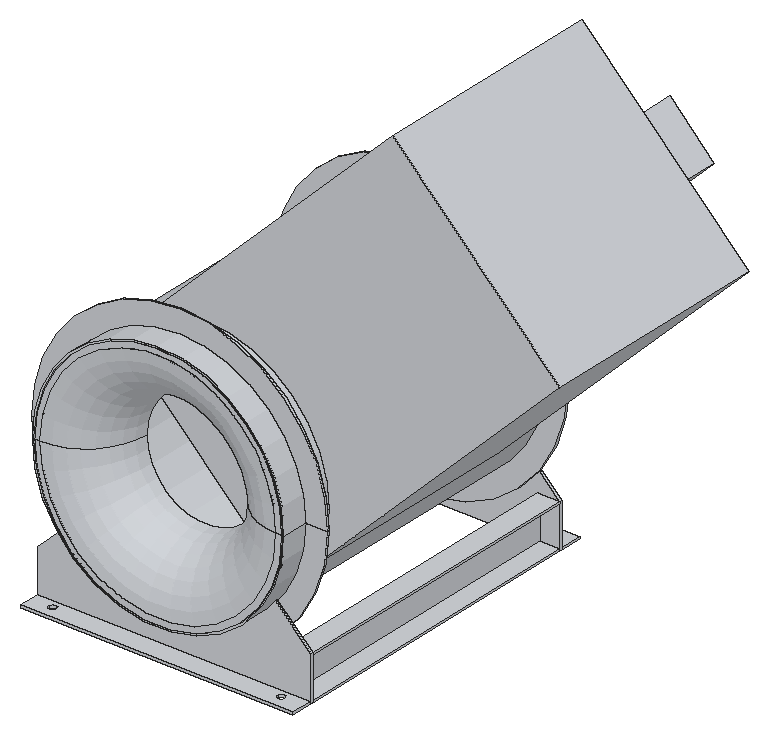
Revit family "QMX-HP_Horizontal", category Mechanical Equipment, Revit 2019 (continued)
Types (145): name | POSITION | MOT_H | MOT_G | MOT_F | MOT_E | MOT_D | MOT_C | MOT_B | MOT_A | MOTOR_H | MOTOR_G | MOTOR_F | MOTOR_E | MOTOR_D | MOTOR_C | MOTOR_B | MOTOR_A | MCHALF | MOTORCOVER | H/2 | H | G/2 | -B/3*2 | -(G/2)-.75 | (G/2)-.75 | G+1.5 | G | F/2 | F-1.5 | F+1.5 | F | E-D-1.5 | E-D | E | D | C/2 | C | B/8 | B/6 | B/3*2 | B/2 | B/10 | B | A/8 | A/4 | A/2 | A | -(B/2) | (F+3)/2 | (A/2)-.125
  330-QMX-HP_HOR_MOTOR_F | 5' - 0" | no | no | yes | no | no | no | no | no | 0' - 1" | 0' - 1" | 3' - 11 13/16" | 0' - 1" | 0' - 1" | 0' - 1" | 0' - 1" | 0' - 1" | 1' - 3 149/256" | 2' - 7 21/128" | 0' - 0 11/32" | 0' - 0 11/16" | 2' - 4 9/16" | -3' - 3" | -2' - 3 13/16" | 2' - 3 13/16" | 4' - 10 5/8" | 4' - 9 1/8" | 1' - 6 3/8" | 2' - 11 1/4" | 3' - 2 1/4" | 3' - 0 3/4" | 3' - 10 5/16" | 3' - 11 13/16" | 6' - 2 13/16" | 2' - 3" | 2' - 0 7/8" | 4' - 1 3/4" | 0' - 9 3/4" | 0' - 9 3/4" | 3' - 3" | 2' - 5 1/4" | 0' - 5.85" | 4' - 10 1/2" | 0' - 5 27/32" | 0' - 11 11/16" | 1' - 11 3/8" | 3' - 10 3/4" | -2' - 5 1/4" | 1' - 7 7/8" | 1' - 11 1/4"
  330-QMX-HP_HOR_MOTOR_G | 6' - 0" | no | yes | no | no | no | no | no | no | 0' - 1" | 3' - 11 13/16" | 0' - 1" | 0' - 1" | 0' - 1" | 0' - 1" | 0' - 1" | 0' - 1" | 1' - 3 149/256" | 2' - 7 21/128" | 0' - 0 11/32" | 0' - 0 11/16" | 2' - 4 9/16" | -3' - 3" | -2' - 3 13/16" | 2' - 3 13/16" | 4' - 10 5/8" | 4' - 9 1/8" | 1' - 6 3/8" | 2' - 11 1/4" | 3' - 2 1/4" | 3' - 0 3/4" | 3' - 10 5/16" | 3' - 11 13/16" | 6' - 2 13/16" | 2' - 3" | 2' - 0 7/8" | 4' - 1 3/4" | 0' - 9 3/4" | 0' - 9 3/4" | 3' - 3" | 2' - 5 1/4" | 0' - 5.85" | 4' - 10 1/2" | 0' - 5 27/32" | 0' - 11 11/16" | 1' - 11 3/8" | 3' - 10 3/4" | -2' - 5 1/4" | 1' - 7 7/8" | 1' - 11 1/4"
  330-QMX-HP_HOR_MOTOR_H | 7' - 0" | yes | no | no | no | no | no | no | no | 3' - 11 13/16" | 0' - 1" | 0' - 1" | 0' - 1" | 0' - 1" | 0' - 1" | 0' - 1" | 0' - 1" | 1' - 3 149/256" | 2' - 7 21/128" | 0' - 0 11/32" | 0' - 0 11/16" | 2' - 4 9/16" | -3' - 3" | -2' - 3 13/16" | 2' - 3 13/16" | 4' - 10 5/8" | 4' - 9 1/8" | 1' - 6 3/8" | 2' - 11 1/4" | 3' - 2 1/4" | 3' - 0 3/4" | 3' - 10 5/16" | 3' - 11 13/16" | 6' - 2 13/16" | 2' - 3" | 2' - 0 7/8" | 4' - 1 3/4" | 0' - 9 3/4" | 0' - 9 3/4" | 3' - 3" | 2' - 5 1/4" | 0' - 5.85" | 4' - 10 1/2" | 0' - 5 27/32" | 0' - 11 11/16" | 1' - 11 3/8" | 3' - 10 3/4" | -2' - 5 1/4" | 1' - 7 7/8" | 1' - 11 1/4"
  365-QMX-HP_HOR_MOTOR_B | 1' - 0" | no | no | no | no | no | no | yes | no | 0' - 1" | 0' - 1" | 0' - 1" | 0' - 1" | 0' - 1" | 0' - 1" | 4' - 2 7/16" | 0' - 1" | 1' - 5 1/4" | 2' - 10 1/2" | 0' - 0 13/32" | 0' - 0 13/16" | 2' - 7 11/16" | -3' - 6.66667" | -2' - 6 15/16" | 2' - 6 15/16" | 5' - 4 7/8" | 5' - 3 3/8" | 1' - 8 1/4" | 3' - 3" | 3' - 6" | 3' - 4 1/2" | 4' - 0 15/16" | 4' - 2 7/16" | 6' - 8 1/4" | 2' - 5 13/16" | 2' - 3 3/8" | 4' - 6 3/4" | 0' - 10.66667" | 0' - 10.66667" | 3' - 6.66667" | 2' - 8" | 0' - 6.4" | 5' - 4" | 0' - 6 15/32" | 1' - 0 15/16" | 2' - 1 7/8" | 4' - 3 3/4" | -2' - 8" | 1' - 9 3/4" | 2' - 1 3/4"
  365-QMX-HP_HOR_MOTOR_C | 2' - 0" | no | no | no | no | no | yes | no | no | 0' - 1" | 0' - 1" | 0' - 1" | 0' - 1" | 0' - 1" | 4' - 2 7/16" | 0' - 1" | 0' - 1" | 1' - 5 1/4" | 2' - 10 1/2" | 0' - 0 13/32" | 0' - 0 13/16" | 2' - 7 11/16" | -3' - 6.66667" | -2' - 6 15/16" | 2' - 6 15/16" | 5' - 4 7/8" | 5' - 3 3/8" | 1' - 8 1/4" | 3' - 3" | 3' - 6" | 3' - 4 1/2" | 4' - 0 15/16" | 4' - 2 7/16" | 6' - 8 1/4" | 2' - 5 13/16" | 2' - 3 3/8" | 4' - 6 3/4" | 0' - 10.66667" | 0' - 10.66667" | 3' - 6.66667" | 2' - 8" | 0' - 6.4" | 5' - 4" | 0' - 6 15/32" | 1' - 0 15/16" | 2' - 1 7/8" | 4' - 3 3/4" | -2' - 8" | 1' - 9 3/4" | 2' - 1 3/4"
  365-QMX-HP_HOR_MOTOR_D | 3' - 0" | no | no | no | no | yes | no | no | no | 0' - 1" | 0' - 1" | 0' - 1" | 0' - 1" | 4' - 2 7/16" | 0' - 1" | 0' - 1" | 0' - 1" | 1' - 5 1/4" | 2' - 10 1/2" | 0' - 0 13/32" | 0' - 0 13/16" | 2' - 7 11/16" | -3' - 6.66667" | -2' - 6 15/16" | 2' - 6 15/16" | 5' - 4 7/8" | 5' - 3 3/8" | 1' - 8 1/4" | 3' - 3" | 3' - 6" | 3' - 4 1/2" | 4' - 0 15/16" | 4' - 2 7/16" | 6' - 8 1/4" | 2' - 5 13/16" | 2' - 3 3/8" | 4' - 6 3/4" | 0' - 10.66667" | 0' - 10.66667" | 3' - 6.66667" | 2' - 8" | 0' - 6.4" | 5' - 4" | 0' - 6 15/32" | 1' - 0 15/16" | 2' - 1 7/8" | 4' - 3 3/4" | -2' - 8" | 1' - 9 3/4" | 2' - 1 3/4"
  365-QMX-HP_HOR_MOTOR_E | 4' - 0" | no | no | no | yes | no | no | no | no | 0' - 1" | 0' - 1" | 0' - 1" | 4' - 2 7/16" | 0' - 1" | 0' - 1" | 0' - 1" | 0' - 1" | 1' - 5 1/4" | 2' - 10 1/2" | 0' - 0 13/32" | 0' - 0 13/16" | 2' - 7 11/16" | -3' - 6.66667" | -2' - 6 15/16" | 2' - 6 15/16" | 5' - 4 7/8" | 5' - 3 3/8" | 1' - 8 1/4" | 3' - 3" | 3' - 6" | 3' - 4 1/2" | 4' - 0 15/16" | 4' - 2 7/16" | 6' - 8 1/4" | 2' - 5 13/16" | 2' - 3 3/8" | 4' - 6 3/4" | 0' - 10.66667" | 0' - 10.66667" | 3' - 6.66667" | 2' - 8" | 0' - 6.4" | 5' - 4" | 0' - 6 15/32" | 1' - 0 15/16" | 2' - 1 7/8" | 4' - 3 3/4" | -2' - 8" | 1' - 9 3/4" | 2' - 1 3/4"
  365-QMX-HP_HOR_MOTOR_F | 5' - 0" | no | no | yes | no | no | no | no | no | 0' - 1" | 0' - 1" | 4' - 2 7/16" | 0' - 1" | 0' - 1" | 0' - 1" | 0' - 1" | 0' - 1" | 1' - 5 1/4" | 2' - 10 1/2" | 0' - 0 13/32" | 0' - 0 13/16" | 2' - 7 11/16" | -3' - 6.66667" | -2' - 6 15/16" | 2' - 6 15/16" | 5' - 4 7/8" | 5' - 3 3/8" | 1' - 8 1/4" | 3' - 3" | 3' - 6" | 3' - 4 1/2" | 4' - 0 15/16" | 4' - 2 7/16" | 6' - 8 1/4" | 2' - 5 13/16" | 2' - 3 3/8" | 4' - 6 3/4" | 0' - 10.66667" | 0' - 10.66667" | 3' - 6.66667" | 2' - 8" | 0' - 6.4" | 5' - 4" | 0' - 6 15/32" | 1' - 0 15/16" | 2' - 1 7/8" | 4' - 3 3/4" | -2' - 8" | 1' - 9 3/4" | 2' - 1 3/4"
  365-QMX-HP_HOR_MOTOR_G | 6' - 0" | no | yes | no | no | no | no | no | no | 0' - 1" | 4' - 2 7/16" | 0' - 1" | 0' - 1" | 0' - 1" | 0' - 1" | 0' - 1" | 0' - 1" | 1' - 5 1/4" | 2' - 10 1/2" | 0' - 0 13/32" | 0' - 0 13/16" | 2' - 7 11/16" | -3' - 6.66667" | -2' - 6 15/16" | 2' - 6 15/16" | 5' - 4 7/8" | 5' - 3 3/8" | 1' - 8 1/4" | 3' - 3" | 3' - 6" | 3' - 4 1/2" | 4' - 0 15/16" | 4' - 2 7/16" | 6' - 8 1/4" | 2' - 5 13/16" | 2' - 3 3/8" | 4' - 6 3/4" | 0' - 10.66667" | 0' - 10.66667" | 3' - 6.66667" | 2' - 8" | 0' - 6.4" | 5' - 4" | 0' - 6 15/32" | 1' - 0 15/16" | 2' - 1 7/8" | 4' - 3 3/4" | -2' - 8" | 1' - 9 3/4" | 2' - 1 3/4"
  365-QMX-HP_HOR_MOTOR_H | 7' - 0" | yes | no | no | no | no | no | no | no | 4' - 2 7/16" | 0' - 1" | 0' - 1" | 0' - 1" | 0' - 1" | 0' - 1" | 0' - 1" | 0' - 1" | 1' - 5 1/4" | 2' - 10 1/2" | 0' - 0 13/32" | 0' - 0 13/16" | 2' - 7 11/16" | -3' - 6.66667" | -2' - 6 15/16" | 2' - 6 15/16" | 5' - 4 7/8" | 5' - 3 3/8" | 1' - 8 1/4" | 3' - 3" | 3' - 6" | 3' - 4 1/2" | 4' - 0 15/16" | 4' - 2 7/16" | 6' - 8 1/4" | 2' - 5 13/16" | 2' - 3 3/8" | 4' - 6 3/4" | 0' - 10.66667" | 0' - 10.66667" | 3' - 6.66667" | 2' - 8" | 0' - 6.4" | 5' - 4" | 0' - 6 15/32" | 1' - 0 15/16" | 2' - 1 7/8" | 4' - 3 3/4" | -2' - 8" | 1' - 9 3/4" | 2' - 1 3/4"
  402-QMX-HP_HOR_MOTOR_B | 1' - 0" | no | no | no | no | no | no | yes | no | 0' - 1" | 0' - 1" | 0' - 1" | 0' - 1" | 0' - 1" | 0' - 1" | 4' - 7 5/8" | 0' - 1" | 1' - 6 251/256" | 3' - 1 123/128" | 0' - 0 13/32" | 0' - 0 13/16" | 2' - 9 15/16" | -3' - 9.66667" | -2' - 9 3/16" | 2' - 9 3/16" | 5' - 9 3/8" | 5' - 7 7/8" | 1' - 10" | 3' - 6 1/2" | 3' - 9 1/2" | 3' - 8" | 4' - 6 1/8" | 4' - 7 5/8" | 7' - 4 5/16" | 2' - 8 11/16" | 2' - 5 31/32" | 4' - 11 15/16" | 0' - 11.41667" | 0' - 11.41667" | 3' - 9.66667" | 2' - 10 1/4" | 0' - 6.85" | 5' - 8 1/2" | 0' - 7 15/128" | 1' - 2 15/64" | 2' - 4 15/32" | 4' - 8 15/16" | -2' - 10 1/4" | 1' - 11 1/2" | 2' - 4 11/32"
  402-QMX-HP_HOR_MOTOR_C | 2' - 0" | no | no | no | no | no | yes | no | no | 0' - 1" | 0' - 1" | 0' - 1" | 0' - 1" | 0' - 1" | 4' - 7 5/8" | 0' - 1" | 0' - 1" | 1' - 6 251/256" | 3' - 1 123/128" | 0' - 0 13/32" | 0' - 0 13/16" | 2' - 9 15/16" | -3' - 9.66667" | -2' - 9 3/16" | 2' - 9 3/16" | 5' - 9 3/8" | 5' - 7 7/8" | 1' - 10" | 3' - 6 1/2" | 3' - 9 1/2" | 3' - 8" | 4' - 6 1/8" | 4' - 7 5/8" | 7' - 4 5/16" | 2' - 8 11/16" | 2' - 5 31/32" | 4' - 11 15/16" | 0' - 11.41667" | 0' - 11.41667" | 3' - 9.66667" | 2' - 10 1/4" | 0' - 6.85" | 5' - 8 1/2" | 0' - 7 15/128" | 1' - 2 15/64" | 2' - 4 15/32" | 4' - 8 15/16" | -2' - 10 1/4" | 1' - 11 1/2" | 2' - 4 11/32"
  402-QMX-HP_HOR_MOTOR_D | 3' - 0" | no | no | no | no | yes | no | no | no | 0' - 1" | 0' - 1" | 0' - 1" | 0' - 1" | 4' - 7 5/8" | 0' - 1" | 0' - 1" | 0' - 1" | 1' - 6 251/256" | 3' - 1 123/128" | 0' - 0 13/32" | 0' - 0 13/16" | 2' - 9 15/16" | -3' - 9.66667" | -2' - 9 3/16" | 2' - 9 3/16" | 5' - 9 3/8" | 5' - 7 7/8" | 1' - 10" | 3' - 6 1/2" | 3' - 9 1/2" | 3' - 8" | 4' - 6 1/8" | 4' - 7 5/8" | 7' - 4 5/16" | 2' - 8 11/16" | 2' - 5 31/32" | 4' - 11 15/16" | 0' - 11.41667" | 0' - 11.41667" | 3' - 9.66667" | 2' - 10 1/4" | 0' - 6.85" | 5' - 8 1/2" | 0' - 7 15/128" | 1' - 2 15/64" | 2' - 4 15/32" | 4' - 8 15/16" | -2' - 10 1/4" | 1' - 11 1/2" | 2' - 4 11/32"
  402-QMX-HP_HOR_MOTOR_E | 4' - 0" | no | no | no | yes | no | no | no | no | 0' - 1" | 0' - 1" | 0' - 1" | 4' - 7 5/8" | 0' - 1" | 0' - 1" | 0' - 1" | 0' - 1" | 1' - 6 251/256" | 3' - 1 123/128" | 0' - 0 13/32" | 0' - 0 13/16" | 2' - 9 15/16" | -3' - 9.66667" | -2' - 9 3/16" | 2' - 9 3/16" | 5' - 9 3/8" | 5' - 7 7/8" | 1' - 10" | 3' - 6 1/2" | 3' - 9 1/2" | 3' - 8" | 4' - 6 1/8" | 4' - 7 5/8" | 7' - 4 5/16" | 2' - 8 11/16" | 2' - 5 31/32" | 4' - 11 15/16" | 0' - 11.41667" | 0' - 11.41667" | 3' - 9.66667" | 2' - 10 1/4" | 0' - 6.85" | 5' - 8 1/2" | 0' - 7 15/128" | 1' - 2 15/64" | 2' - 4 15/32" | 4' - 8 15/16" | -2' - 10 1/4" | 1' - 11 1/2" | 2' - 4 11/32"
  402-QMX-HP_HOR_MOTOR_F | 5' - 0" | no | no | yes | no | no | no | no | no | 0' - 1" | 0' - 1" | 4' - 7 5/8" | 0' - 1" | 0' - 1" | 0' - 1" | 0' - 1" | 0' - 1" | 1' - 6 251/256" | 3' - 1 123/128" | 0' - 0 13/32" | 0' - 0 13/16" | 2' - 9 15/16" | -3' - 9.66667" | -2' - 9 3/16" | 2' - 9 3/16" | 5' - 9 3/8" | 5' - 7 7/8" | 1' - 10" | 3' - 6 1/2" | 3' - 9 1/2" | 3' - 8" | 4' - 6 1/8" | 4' - 7 5/8" | 7' - 4 5/16" | 2' - 8 11/16" | 2' - 5 31/32" | 4' - 11 15/16" | 0' - 11.41667" | 0' - 11.41667" | 3' - 9.66667" | 2' - 10 1/4" | 0' - 6.85" | 5' - 8 1/2" | 0' - 7 15/128" | 1' - 2 15/64" | 2' - 4 15/32" | 4' - 8 15/16" | -2' - 10 1/4" | 1' - 11 1/2" | 2' - 4 11/32"
  402-QMX-HP_HOR_MOTOR_G | 6' - 0" | no | yes | no | no | no | no | no | no | 0' - 1" | 4' - 7 5/8" | 0' - 1" | 0' - 1" | 0' - 1" | 0' - 1" | 0' - 1" | 0' - 1" | 1' - 6 251/256" | 3' - 1 123/128" | 0' - 0 13/32" | 0' - 0 13/16" | 2' - 9 15/16" | -3' - 9.66667" | -2' - 9 3/16" | 2' - 9 3/16" | 5' - 9 3/8" | 5' - 7 7/8" | 1' - 10" | 3' - 6 1/2" | 3' - 9 1/2" | 3' - 8" | 4' - 6 1/8" | 4' - 7 5/8" | 7' - 4 5/16" | 2' - 8 11/16" | 2' - 5 31/32" | 4' - 11 15/16" | 0' - 11.41667" | 0' - 11.41667" | 3' - 9.66667" | 2' - 10 1/4" | 0' - 6.85" | 5' - 8 1/2" | 0' - 7 15/128" | 1' - 2 15/64" | 2' - 4 15/32" | 4' - 8 15/16" | -2' - 10 1/4" | 1' - 11 1/2" | 2' - 4 11/32"
  402-QMX-HP_HOR_MOTOR_H | 7' - 0" | yes | no | no | no | no | no | no | no | 4' - 7 5/8" | 0' - 1" | 0' - 1" | 0' - 1" | 0' - 1" | 0' - 1" | 0' - 1" | 0' - 1" | 1' - 6 251/256" | 3' - 1 123/128" | 0' - 0 13/32" | 0' - 0 13/16" | 2' - 9 15/16" | -3' - 9.66667" | -2' - 9 3/16" | 2' - 9 3/16" | 5' - 9 3/8" | 5' - 7 7/8" | 1' - 10" | 3' - 6 1/2" | 3' - 9 1/2" | 3' - 8" | 4' - 6 1/8" | 4' - 7 5/8" | 7' - 4 5/16" | 2' - 8 11/16" | 2' - 5 31/32" | 4' - 11 15/16" | 0' - 11.41667" | 0' - 11.41667" | 3' - 9.66667" | 2' - 10 1/4" | 0' - 6.85" | 5' - 8 1/2" | 0' - 7 15/128" | 1' - 2 15/64" | 2' - 4 15/32" | 4' - 8 15/16" | -2' - 10 1/4" | 1' - 11 1/2" | 2' - 4 11/32"
  445-QMX-HP_HOR_MOTOR_B | 1' - 0" | no | no | no | no | no | no | yes | no | 0' - 1" | 0' - 1" | 0' - 1" | 0' - 1" | 0' - 1" | 0' - 1" | 4' - 10 7/8" | 0' - 1" | 1' - 9 5/256" | 3' - 6 5/128" | 0' - 0 13/32" | 0' - 0 13/16" | 3' - 0 11/16" | -4' - 1.33333" | -2' - 11 15/16" | 2' - 11 15/16" | 6' - 2 7/8" | 6' - 1 3/8" | 2' - 0 1/8" | 3' - 10 3/4" | 4' - 1 3/4" | 4' - 0 1/4" | 4' - 9 3/8" | 4' - 10 7/8" | 7' - 10 7/8" | 3' - 0" | 2' - 9 1/32" | 5' - 6 1/16" | 1' - 0.33333" | 1' - 0.33333" | 4' - 1.33333" | 3' - 1" | 0' - 7.4" | 6' - 2" | 0' - 7 113/128" | 1' - 3 49/64" | 2' - 7 17/32" | 5' - 3 1/16" | -3' - 1" | 2' - 1 5/8" | 2' - 7 13/32"
  445-QMX-HP_HOR_MOTOR_C | 2' - 0" | no | no | no | no | no | yes | no | no | 0' - 1" | 0' - 1" | 0' - 1" | 0' - 1" | 0' - 1" | 4' - 10 7/8" | 0' - 1" | 0' - 1" | 1' - 9 5/256" | 3' - 6 5/128" | 0' - 0 13/32" | 0' - 0 13/16" | 3' - 0 11/16" | -4' - 1.33333" | -2' - 11 15/16" | 2' - 11 15/16" | 6' - 2 7/8" | 6' - 1 3/8" | 2' - 0 1/8" | 3' - 10 3/4" | 4' - 1 3/4" | 4' - 0 1/4" | 4' - 9 3/8" | 4' - 10 7/8" | 7' - 10 7/8" | 3' - 0" | 2' - 9 1/32" | 5' - 6 1/16" | 1' - 0.33333" | 1' - 0.33333" | 4' - 1.33333" | 3' - 1" | 0' - 7.4" | 6' - 2" | 0' - 7 113/128" | 1' - 3 49/64" | 2' - 7 17/32" | 5' - 3 1/16" | -3' - 1" | 2' - 1 5/8" | 2' - 7 13/32"
  445-QMX-HP_HOR_MOTOR_D | 3' - 0" | no | no | no | no | yes | no | no | no | 0' - 1" | 0' - 1" | 0' - 1" | 0' - 1" | 4' - 10 7/8" | 0' - 1" | 0' - 1" | 0' - 1" | 1' - 9 5/256" | 3' - 6 5/128" | 0' - 0 13/32" | 0' - 0 13/16" | 3' - 0 11/16" | -4' - 1.33333" | -2' - 11 15/16" | 2' - 11 15/16" | 6' - 2 7/8" | 6' - 1 3/8" | 2' - 0 1/8" | 3' - 10 3/4" | 4' - 1 3/4" | 4' - 0 1/4" | 4' - 9 3/8" | 4' - 10 7/8" | 7' - 10 7/8" | 3' - 0" | 2' - 9 1/32" | 5' - 6 1/16" | 1' - 0.33333" | 1' - 0.33333" | 4' - 1.33333" | 3' - 1" | 0' - 7.4" | 6' - 2" | 0' - 7 113/128" | 1' - 3 49/64" | 2' - 7 17/32" | 5' - 3 1/16" | -3' - 1" | 2' - 1 5/8" | 2' - 7 13/32"
  445-QMX-HP_HOR_MOTOR_E | 4' - 0" | no | no | no | yes | no | no | no | no | 0' - 1" | 0' - 1" | 0' - 1" | 4' - 10 7/8" | 0' - 1" | 0' - 1" | 0' - 1" | 0' - 1" | 1' - 9 5/256" | 3' - 6 5/128" | 0' - 0 13/32" | 0' - 0 13/16" | 3' - 0 11/16" | -4' - 1.33333" | -2' - 11 15/16" | 2' - 11 15/16" | 6' - 2 7/8" | 6' - 1 3/8" | 2' - 0 1/8" | 3' - 10 3/4" | 4' - 1 3/4" | 4' - 0 1/4" | 4' - 9 3/8" | 4' - 10 7/8" | 7' - 10 7/8" | 3' - 0" | 2' - 9 1/32" | 5' - 6 1/16" | 1' - 0.33333" | 1' - 0.33333" | 4' - 1.33333" | 3' - 1" | 0' - 7.4" | 6' - 2" | 0' - 7 113/128" | 1' - 3 49/64" | 2' - 7 17/32" | 5' - 3 1/16" | -3' - 1" | 2' - 1 5/8" | 2' - 7 13/32"
  445-QMX-HP_HOR_MOTOR_F | 5' - 0" | no | no | yes | no | no | no | no | no | 0' - 1" | 0' - 1" | 4' - 10 7/8" | 0' - 1" | 0' - 1" | 0' - 1" | 0' - 1" | 0' - 1" | 1' - 9 5/256" | 3' - 6 5/128" | 0' - 0 13/32" | 0' - 0 13/16" | 3' - 0 11/16" | -4' - 1.33333" | -2' - 11 15/16" | 2' - 11 15/16" | 6' - 2 7/8" | 6' - 1 3/8" | 2' - 0 1/8" | 3' - 10 3/4" | 4' - 1 3/4" | 4' - 0 1/4" | 4' - 9 3/8" | 4' - 10 7/8" | 7' - 10 7/8" | 3' - 0" | 2' - 9 1/32" | 5' - 6 1/16" | 1' - 0.33333" | 1' - 0.33333" | 4' - 1.33333" | 3' - 1" | 0' - 7.4" | 6' - 2" | 0' - 7 113/128" | 1' - 3 49/64" | 2' - 7 17/32" | 5' - 3 1/16" | -3' - 1" | 2' - 1 5/8" | 2' - 7 13/32"
  445-QMX-HP_HOR_MOTOR_G | 6' - 0" | no | yes | no | no | no | no | no | no | 0' - 1" | 4' - 10 7/8" | 0' - 1" | 0' - 1" | 0' - 1" | 0' - 1" | 0' - 1" | 0' - 1" | 1' - 9 5/256" | 3' - 6 5/128" | 0' - 0 13/32" | 0' - 0 13/16" | 3' - 0 11/16" | -4' - 1.33333" | -2' - 11 15/16" | 2' - 11 15/16" | 6' - 2 7/8" | 6' - 1 3/8" | 2' - 0 1/8" | 3' - 10 3/4" | 4' - 1 3/4" | 4' - 0 1/4" | 4' - 9 3/8" | 4' - 10 7/8" | 7' - 10 7/8" | 3' - 0" | 2' - 9 1/32" | 5' - 6 1/16" | 1' - 0.33333" | 1' - 0.33333" | 4' - 1.33333" | 3' - 1" | 0' - 7.4" | 6' - 2" | 0' - 7 113/128" | 1' - 3 49/64" | 2' - 7 17/32" | 5' - 3 1/16" | -3' - 1" | 2' - 1 5/8" | 2' - 7 13/32"
  445-QMX-HP_HOR_MOTOR_H | 7' - 0" | yes | no | no | no | no | no | no | no | 4' - 10 7/8" | 0' - 1" | 0' - 1" | 0' - 1" | 0' - 1" | 0' - 1" | 0' - 1" | 0' - 1" | 1' - 9 5/256" | 3' - 6 5/128" | 0' - 0 13/32" | 0' - 0 13/16" | 3' - 0 11/16" | -4' - 1.33333" | -2' - 11 15/16" | 2' - 11 15/16" | 6' - 2 7/8" | 6' - 1 3/8" | 2' - 0 1/8" | 3' - 10 3/4" | 4' - 1 3/4" | 4' - 0 1/4" | 4' - 9 3/8" | 4' - 10 7/8" | 7' - 10 7/8" | 3' - 0" | 2' - 9 1/32" | 5' - 6 1/16" | 1' - 0.33333" | 1' - 0.33333" | 4' - 1.33333" | 3' - 1" | 0' - 7.4" | 6' - 2" | 0' - 7 113/128" | 1' - 3 49/64" | 2' - 7 17/32" | 5' - 3 1/16" | -3' - 1" | 2' - 1 5/8" | 2' - 7 13/32"
  490-QMX-HP_HOR_MOTOR_B | 1' - 0" | no | no | no | no | no | no | yes | no | 0' - 1" | 0' - 1" | 0' - 1" | 0' - 1" | 0' - 1" | 0' - 1" | 5' - 3 15/16" | 0' - 1" | 1' - 11 1/8" | 3' - 10 1/4" | 0' - 0 13/32" | 0' - 0 13/16" | 3' - 3 15/16" | -4' - 5.66667" | -3' - 3 3/16" | 3' - 3 3/16" | 6' - 9 3/8" | 6' - 7 7/8" | 2' - 2 3/8" | 4' - 3 1/4" | 4' - 6 1/4" | 4' - 4 3/4" | 5' - 2 7/16" | 5' - 3 15/16" | 8' - 7 3/8" | 3' - 3 7/16" | 3' - 0 3/16" | 6' - 0 3/8" | 1' - 1.41667" | 1' - 1.41667" | 4' - 5.66667" | 3' - 4 1/4" | 0' - 8.05" | 6' - 8 1/2" | 0' - 8 43/64" | 1' - 5 11/32" | 2' - 10 11/16" | 5' - 9 3/8" | -3' - 4 1/4" | 2' - 3 7/8" | 2' - 10 9/16"
  490-QMX-HP_HOR_MOTOR_C | 2' - 0" | no | no | no | no | no | yes | no | no | 0' - 1" | 0' - 1" | 0' - 1" | 0' - 1" | 0' - 1" | 5' - 3 15/16" | 0' - 1" | 0' - 1" | 1' - 11 1/8" | 3' - 10 1/4" | 0' - 0 13/32" | 0' - 0 13/16" | 3' - 3 15/16" | -4' - 5.66667" | -3' - 3 3/16" | 3' - 3 3/16" | 6' - 9 3/8" | 6' - 7 7/8" | 2' - 2 3/8" | 4' - 3 1/4" | 4' - 6 1/4" | 4' - 4 3/4" | 5' - 2 7/16" | 5' - 3 15/16" | 8' - 7 3/8" | 3' - 3 7/16" | 3' - 0 3/16" | 6' - 0 3/8" | 1' - 1.41667" | 1' - 1.41667" | 4' - 5.66667" | 3' - 4 1/4" | 0' - 8.05" | 6' - 8 1/2" | 0' - 8 43/64" | 1' - 5 11/32" | 2' - 10 11/16" | 5' - 9 3/8" | -3' - 4 1/4" | 2' - 3 7/8" | 2' - 10 9/16"
  490-QMX-HP_HOR_MOTOR_D | 3' - 0" | no | no | no | no | yes | no | no | no | 0' - 1" | 0' - 1" | 0' - 1" | 0' - 1" | 5' - 3 15/16" | 0' - 1" | 0' - 1" | 0' - 1" | 1' - 11 1/8" | 3' - 10 1/4" | 0' - 0 13/32" | 0' - 0 13/16" | 3' - 3 15/16" | -4' - 5.66667" | -3' - 3 3/16" | 3' - 3 3/16" | 6' - 9 3/8" | 6' - 7 7/8" | 2' - 2 3/8" | 4' - 3 1/4" | 4' - 6 1/4" | 4' - 4 3/4" | 5' - 2 7/16" | 5' - 3 15/16" | 8' - 7 3/8" | 3' - 3 7/16" | 3' - 0 3/16" | 6' - 0 3/8" | 1' - 1.41667" | 1' - 1.41667" | 4' - 5.66667" | 3' - 4 1/4" | 0' - 8.05" | 6' - 8 1/2" | 0' - 8 43/64" | 1' - 5 11/32" | 2' - 10 11/16" | 5' - 9 3/8" | -3' - 4 1/4" | 2' - 3 7/8" | 2' - 10 9/16"
  490-QMX-HP_HOR_MOTOR_E | 4' - 0" | no | no | no | yes | no | no | no | no | 0' - 1" | 0' - 1" | 0' - 1" | 5' - 3 15/16" | 0' - 1" | 0' - 1" | 0' - 1" | 0' - 1" | 1' - 11 1/8" | 3' - 10 1/4" | 0' - 0 13/32" | 0' - 0 13/16" | 3' - 3 15/16" | -4' - 5.66667" | -3' - 3 3/16" | 3' - 3 3/16" | 6' - 9 3/8" | 6' - 7 7/8" | 2' - 2 3/8" | 4' - 3 1/4" | 4' - 6 1/4" | 4' - 4 3/4" | 5' - 2 7/16" | 5' - 3 15/16" | 8' - 7 3/8" | 3' - 3 7/16" | 3' - 0 3/16" | 6' - 0 3/8" | 1' - 1.41667" | 1' - 1.41667" | 4' - 5.66667" | 3' - 4 1/4" | 0' - 8.05" | 6' - 8 1/2" | 0' - 8 43/64" | 1' - 5 11/32" | 2' - 10 11/16" | 5' - 9 3/8" | -3' - 4 1/4" | 2' - 3 7/8" | 2' - 10 9/16"
  490-QMX-HP_HOR_MOTOR_F | 5' - 0" | no | no | yes | no | no | no | no | no | 0' - 1" | 0' - 1" | 5' - 3 15/16" | 0' - 1" | 0' - 1" | 0' - 1" | 0' - 1" | 0' - 1" | 1' - 11 1/8" | 3' - 10 1/4" | 0' - 0 13/32" | 0' - 0 13/16" | 3' - 3 15/16" | -4' - 5.66667" | -3' - 3 3/16" | 3' - 3 3/16" | 6' - 9 3/8" | 6' - 7 7/8" | 2' - 2 3/8" | 4' - 3 1/4" | 4' - 6 1/4" | 4' - 4 3/4" | 5' - 2 7/16" | 5' - 3 15/16" | 8' - 7 3/8" | 3' - 3 7/16" | 3' - 0 3/16" | 6' - 0 3/8" | 1' - 1.41667" | 1' - 1.41667" | 4' - 5.66667" | 3' - 4 1/4" | 0' - 8.05" | 6' - 8 1/2" | 0' - 8 43/64" | 1' - 5 11/32" | 2' - 10 11/16" | 5' - 9 3/8" | -3' - 4 1/4" | 2' - 3 7/8" | 2' - 10 9/16"
  490-QMX-HP_HOR_MOTOR_G | 6' - 0" | no | yes | no | no | no | no | no | no | 0' - 1" | 5' - 3 15/16" | 0' - 1" | 0' - 1" | 0' - 1" | 0' - 1" | 0' - 1" | 0' - 1" | 1' - 11 1/8" | 3' - 10 1/4" | 0' - 0 13/32" | 0' - 0 13/16" | 3' - 3 15/16" | -4' - 5.66667" | -3' - 3 3/16" | 3' - 3 3/16" | 6' - 9 3/8" | 6' - 7 7/8" | 2' - 2 3/8" | 4' - 3 1/4" | 4' - 6 1/4" | 4' - 4 3/4" | 5' - 2 7/16" | 5' - 3 15/16" | 8' - 7 3/8" | 3' - 3 7/16" | 3' - 0 3/16" | 6' - 0 3/8" | 1' - 1.41667" | 1' - 1.41667" | 4' - 5.66667" | 3' - 4 1/4" | 0' - 8.05" | 6' - 8 1/2" | 0' - 8 43/64" | 1' - 5 11/32" | 2' - 10 11/16" | 5' - 9 3/8" | -3' - 4 1/4" | 2' - 3 7/8" | 2' - 10 9/16"
  490-QMX-HP_HOR_MOTOR_H | 7' - 0" | yes | no | no | no | no | no | no | no | 5' - 3 15/16" | 0' - 1" | 0' - 1" | 0' - 1" | 0' - 1" | 0' - 1" | 0' - 1" | 0' - 1" | 1' - 11 1/8" | 3' - 10 1/4" | 0' - 0 13/32" | 0' - 0 13/16" | 3' - 3 15/16" | -4' - 5.66667" | -3' - 3 3/16" | 3' - 3 3/16" | 6' - 9 3/8" | 6' - 7 7/8" | 2' - 2 3/8" | 4' - 3 1/4" | 4' - 6 1/4" | 4' - 4 3/4" | 5' - 2 7/16" | 5' - 3 15/16" | 8' - 7 3/8" | 3' - 3 7/16" | 3' - 0 3/16" | 6' - 0 3/8" | 1' - 1.41667" | 1' - 1.41667" | 4' - 5.66667" | 3' - 4 1/4" | 0' - 8.05" | 6' - 8 1/2" | 0' - 8 43/64" | 1' - 5 11/32" | 2' - 10 11/16" | 5' - 9 3/8" | -3' - 4 1/4" | 2' - 3 7/8" | 2' - 10 9/16"
  540-QMX-HP_HOR_MOTOR_B | 1' - 0" | no | no | no | no | no | no | yes | no | 0' - 1" | 0' - 1" | 0' - 1" | 0' - 1" | 0' - 1" | 0' - 1" | 5' - 7 5/8" | 0' - 1" | 2' - 1 123/256" | 4' - 2 123/128" | 0' - 0 13/32" | 0' - 0 13/16" | 3' - 7 3/16" | -4' - 10" | -3' - 6 7/16" | 3' - 6 7/16" | 7' - 3 7/8" | 7' - 2 3/8" | 2' - 5" | 4' - 8 1/2" | 4' - 11 1/2" | 4' - 10" | 5' - 6 1/8" | 5' - 7 5/8" | 9' - 2 15/16" | 3' - 7 5/16" | 3' - 3 23/32" | 6' - 7 7/16" | 1' - 2 1/2" | 1' - 2 1/2" | 4' - 10" | 3' - 7 1/2" | 0' - 8.7" | 7' - 3" | 0' - 9 71/128" | 1' - 7 7/64" | 3' - 2 7/32" | 6' - 4 7/16" | -3' - 7 1/2" | 2' - 6 1/2" | 3' - 2 3/32"
  540-QMX-HP_HOR_MOTOR_C | 2' - 0" | no | no | no | no | no | yes | no | no | 0' - 1" | 0' - 1" | 0' - 1" | 0' - 1" | 0' - 1" | 5' - 7 5/8" | 0' - 1" | 0' - 1" | 2' - 1 123/256" | 4' - 2 123/128" | 0' - 0 13/32" | 0' - 0 13/16" | 3' - 7 3/16" | -4' - 10" | -3' - 6 7/16" | 3' - 6 7/16" | 7' - 3 7/8" | 7' - 2 3/8" | 2' - 5" | 4' - 8 1/2" | 4' - 11 1/2" | 4' - 10" | 5' - 6 1/8" | 5' - 7 5/8" | 9' - 2 15/16" | 3' - 7 5/16" | 3' - 3 23/32" | 6' - 7 7/16" | 1' - 2 1/2" | 1' - 2 1/2" | 4' - 10" | 3' - 7 1/2" | 0' - 8.7" | 7' - 3" | 0' - 9 71/128" | 1' - 7 7/64" | 3' - 2 7/32" | 6' - 4 7/16" | -3' - 7 1/2" | 2' - 6 1/2" | 3' - 2 3/32"
  540-QMX-HP_HOR_MOTOR_D | 3' - 0" | no | no | no | no | yes | no | no | no | 0' - 1" | 0' - 1" | 0' - 1" | 0' - 1" | 5' - 7 5/8" | 0' - 1" | 0' - 1" | 0' - 1" | 2' - 1 123/256" | 4' - 2 123/128" | 0' - 0 13/32" | 0' - 0 13/16" | 3' - 7 3/16" | -4' - 10" | -3' - 6 7/16" | 3' - 6 7/16" | 7' - 3 7/8" | 7' - 2 3/8" | 2' - 5" | 4' - 8 1/2" | 4' - 11 1/2" | 4' - 10" | 5' - 6 1/8" | 5' - 7 5/8" | 9' - 2 15/16" | 3' - 7 5/16" | 3' - 3 23/32" | 6' - 7 7/16" | 1' - 2 1/2" | 1' - 2 1/2" | 4' - 10" | 3' - 7 1/2" | 0' - 8.7" | 7' - 3" | 0' - 9 71/128" | 1' - 7 7/64" | 3' - 2 7/32" | 6' - 4 7/16" | -3' - 7 1/2" | 2' - 6 1/2" | 3' - 2 3/32"
  540-QMX-HP_HOR_MOTOR_E | 4' - 0" | no | no | no | yes | no | no | no | no | 0' - 1" | 0' - 1" | 0' - 1" | 5' - 7 5/8" | 0' - 1" | 0' - 1" | 0' - 1" | 0' - 1" | 2' - 1 123/256" | 4' - 2 123/128" | 0' - 0 13/32" | 0' - 0 13/16" | 3' - 7 3/16" | -4' - 10" | -3' - 6 7/16" | 3' - 6 7/16" | 7' - 3 7/8" | 7' - 2 3/8" | 2' - 5" | 4' - 8 1/2" | 4' - 11 1/2" | 4' - 10" | 5' - 6 1/8" | 5' - 7 5/8" | 9' - 2 15/16" | 3' - 7 5/16" | 3' - 3 23/32" | 6' - 7 7/16" | 1' - 2 1/2" | 1' - 2 1/2" | 4' - 10" | 3' - 7 1/2" | 0' - 8.7" | 7' - 3" | 0' - 9 71/128" | 1' - 7 7/64" | 3' - 2 7/32" | 6' - 4 7/16" | -3' - 7 1/2" | 2' - 6 1/2" | 3' - 2 3/32"
  540-QMX-HP_HOR_MOTOR_F | 5' - 0" | no | no | yes | no | no | no | no | no | 0' - 1" | 0' - 1" | 5' - 7 5/8" | 0' - 1" | 0' - 1" | 0' - 1" | 0' - 1" | 0' - 1" | 2' - 1 123/256" | 4' - 2 123/128" | 0' - 0 13/32" | 0' - 0 13/16" | 3' - 7 3/16" | -4' - 10" | -3' - 6 7/16" | 3' - 6 7/16" | 7' - 3 7/8" | 7' - 2 3/8" | 2' - 5" | 4' - 8 1/2" | 4' - 11 1/2" | 4' - 10" | 5' - 6 1/8" | 5' - 7 5/8" | 9' - 2 15/16" | 3' - 7 5/16" | 3' - 3 23/32" | 6' - 7 7/16" | 1' - 2 1/2" | 1' - 2 1/2" | 4' - 10" | 3' - 7 1/2" | 0' - 8.7" | 7' - 3" | 0' - 9 71/128" | 1' - 7 7/64" | 3' - 2 7/32" | 6' - 4 7/16" | -3' - 7 1/2" | 2' - 6 1/2" | 3' - 2 3/32"
  540-QMX-HP_HOR_MOTOR_G | 6' - 0" | no | yes | no | no | no | no | no | no | 0' - 1" | 5' - 7 5/8" | 0' - 1" | 0' - 1" | 0' - 1" | 0' - 1" | 0' - 1" | 0' - 1" | 2' - 1 123/256" | 4' - 2 123/128" | 0' - 0 13/32" | 0' - 0 13/16" | 3' - 7 3/16" | -4' - 10" | -3' - 6 7/16" | 3' - 6 7/16" | 7' - 3 7/8" | 7' - 2 3/8" | 2' - 5" | 4' - 8 1/2" | 4' - 11 1/2" | 4' - 10" | 5' - 6 1/8" | 5' - 7 5/8" | 9' - 2 15/16" | 3' - 7 5/16" | 3' - 3 23/32" | 6' - 7 7/16" | 1' - 2 1/2" | 1' - 2 1/2" | 4' - 10" | 3' - 7 1/2" | 0' - 8.7" | 7' - 3" | 0' - 9 71/128" | 1' - 7 7/64" | 3' - 2 7/32" | 6' - 4 7/16" | -3' - 7 1/2" | 2' - 6 1/2" | 3' - 2 3/32"
  540-QMX-HP_HOR_MOTOR_H | 7' - 0" | yes | no | no | no | no | no | no | no | 5' - 7 5/8" | 0' - 1" | 0' - 1" | 0' - 1" | 0' - 1" | 0' - 1" | 0' - 1" | 0' - 1" | 2' - 1 123/256" | 4' - 2 123/128" | 0' - 0 13/32" | 0' - 0 13/16" | 3' - 7 3/16" | -4' - 10" | -3' - 6 7/16" | 3' - 6 7/16" | 7' - 3 7/8" | 7' - 2 3/8" | 2' - 5" | 4' - 8 1/2" | 4' - 11 1/2" | 4' - 10" | 5' - 6 1/8" | 5' - 7 5/8" | 9' - 2 15/16" | 3' - 7 5/16" | 3' - 3 23/32" | 6' - 7 7/16" | 1' - 2 1/2" | 1' - 2 1/2" | 4' - 10" | 3' - 7 1/2" | 0' - 8.7" | 7' - 3" | 0' - 9 71/128" | 1' - 7 7/64" | 3' - 2 7/32" | 6' - 4 7/16" | -3' - 7 1/2" | 2' - 6 1/2" | 3' - 2 3/32"
  600-QMX-HP_HOR_MOTOR_B | 1' - 0" | no | no | no | no | no | no | yes | no | 0' - 1" | 0' - 1" | 0' - 1" | 0' - 1" | 0' - 1" | 0' - 1" | 6' - 0 1/16" | 0' - 1" | 2' - 1 123/256" | 4' - 2 123/128" | 0' - 0 13/32" | 0' - 0 13/16" | 3' - 11 7/16" | -5' - 3.66667" | -3' - 10 11/16" | 3' - 10 11/16" | 8' - 0 3/8" | 7' - 10 7/8" | 2' - 8" | 5' - 2 1/2" | 5' - 5 1/2" | 5' - 4" | 5' - 10 9/16" | 6' - 0 1/16" | 10' - 2 1/16" | 4' - 2" | 3' - 7 15/16" | 7' - 3 7/8" | 1' - 3.91667" | 1' - 3.91667" | 5' - 3.66667" | 3' - 11 3/4" | 0' - 9.55" | 7' - 11 1/2" | 0' - 10 39/64" | 1' - 9 7/32" | 3' - 6 7/16" | 7' - 0 7/8" | -3' - 11 3/4" | 2' - 9 1/2" | 3' - 6 5/16"
  600-QMX-HP_HOR_MOTOR_C | 2' - 0" | no | no | no | no | no | yes | no | no | 0' - 1" | 0' - 1" | 0' - 1" | 0' - 1" | 0' - 1" | 6' - 0 1/16" | 0' - 1" | 0' - 1" | 2' - 1 123/256" | 4' - 2 123/128" | 0' - 0 13/32" | 0' - 0 13/16" | 3' - 11 7/16" | -5' - 3.66667" | -3' - 10 11/16" | 3' - 10 11/16" | 8' - 0 3/8" | 7' - 10 7/8" | 2' - 8" | 5' - 2 1/2" | 5' - 5 1/2" | 5' - 4" | 5' - 10 9/16" | 6' - 0 1/16" | 10' - 2 1/16" | 4' - 2" | 3' - 7 15/16" | 7' - 3 7/8" | 1' - 3.91667" | 1' - 3.91667" | 5' - 3.66667" | 3' - 11 3/4" | 0' - 9.55" | 7' - 11 1/2" | 0' - 10 39/64" | 1' - 9 7/32" | 3' - 6 7/16" | 7' - 0 7/8" | -3' - 11 3/4" | 2' - 9 1/2" | 3' - 6 5/16"
  600-QMX-HP_HOR_MOTOR_D | 3' - 0" | no | no | no | no | yes | no | no | no | 0' - 1" | 0' - 1" | 0' - 1" | 0' - 1" | 6' - 0 1/16" | 0' - 1" | 0' - 1" | 0' - 1" | 2' - 1 123/256" | 4' - 2 123/128" | 0' - 0 13/32" | 0' - 0 13/16" | 3' - 11 7/16" | -5' - 3.66667" | -3' - 10 11/16" | 3' - 10 11/16" | 8' - 0 3/8" | 7' - 10 7/8" | 2' - 8" | 5' - 2 1/2" | 5' - 5 1/2" | 5' - 4" | 5' - 10 9/16" | 6' - 0 1/16" | 10' - 2 1/16" | 4' - 2" | 3' - 7 15/16" | 7' - 3 7/8" | 1' - 3.91667" | 1' - 3.91667" | 5' - 3.66667" | 3' - 11 3/4" | 0' - 9.55" | 7' - 11 1/2" | 0' - 10 39/64" | 1' - 9 7/32" | 3' - 6 7/16" | 7' - 0 7/8" | -3' - 11 3/4" | 2' - 9 1/2" | 3' - 6 5/16"
  600-QMX-HP_HOR_MOTOR_E | 4' - 0" | no | no | no | yes | no | no | no | no | 0' - 1" | 0' - 1" | 0' - 1" | 6' - 0 1/16" | 0' - 1" | 0' - 1" | 0' - 1" | 0' - 1" | 2' - 1 123/256" | 4' - 2 123/128" | 0' - 0 13/32" | 0' - 0 13/16" | 3' - 11 7/16" | -5' - 3.66667" | -3' - 10 11/16" | 3' - 10 11/16" | 8' - 0 3/8" | 7' - 10 7/8" | 2' - 8" | 5' - 2 1/2" | 5' - 5 1/2" | 5' - 4" | 5' - 10 9/16" | 6' - 0 1/16" | 10' - 2 1/16" | 4' - 2" | 3' - 7 15/16" | 7' - 3 7/8" | 1' - 3.91667" | 1' - 3.91667" | 5' - 3.66667" | 3' - 11 3/4" | 0' - 9.55" | 7' - 11 1/2" | 0' - 10 39/64" | 1' - 9 7/32" | 3' - 6 7/16" | 7' - 0 7/8" | -3' - 11 3/4" | 2' - 9 1/2" | 3' - 6 5/16"
  600-QMX-HP_HOR_MOTOR_F | 5' - 0" | no | no | yes | no | no | no | no | no | 0' - 1" | 0' - 1" | 6' - 0 1/16" | 0' - 1" | 0' - 1" | 0' - 1" | 0' - 1" | 0' - 1" | 2' - 1 123/256" | 4' - 2 123/128" | 0' - 0 13/32" | 0' - 0 13/16" | 3' - 11 7/16" | -5' - 3.66667" | -3' - 10 11/16" | 3' - 10 11/16" | 8' - 0 3/8" | 7' - 10 7/8" | 2' - 8" | 5' - 2 1/2" | 5' - 5 1/2" | 5' - 4" | 5' - 10 9/16" | 6' - 0 1/16" | 10' - 2 1/16" | 4' - 2" | 3' - 7 15/16" | 7' - 3 7/8" | 1' - 3.91667" | 1' - 3.91667" | 5' - 3.66667" | 3' - 11 3/4" | 0' - 9.55" | 7' - 11 1/2" | 0' - 10 39/64" | 1' - 9 7/32" | 3' - 6 7/16" | 7' - 0 7/8" | -3' - 11 3/4" | 2' - 9 1/2" | 3' - 6 5/16"
  600-QMX-HP_HOR_MOTOR_G | 6' - 0" | no | yes | no | no | no | no | no | no | 0' - 1" | 6' - 0 1/16" | 0' - 1" | 0' - 1" | 0' - 1" | 0' - 1" | 0' - 1" | 0' - 1" | 2' - 1 123/256" | 4' - 2 123/128" | 0' - 0 13/32" | 0' - 0 13/16" | 3' - 11 7/16" | -5' - 3.66667" | -3' - 10 11/16" | 3' - 10 11/16" | 8' - 0 3/8" | 7' - 10 7/8" | 2' - 8" | 5' - 2 1/2" | 5' - 5 1/2" | 5' - 4" | 5' - 10 9/16" | 6' - 0 1/16" | 10' - 2 1/16" | 4' - 2" | 3' - 7 15/16" | 7' - 3 7/8" | 1' - 3.91667" | 1' - 3.91667" | 5' - 3.66667" | 3' - 11 3/4" | 0' - 9.55" | 7' - 11 1/2" | 0' - 10 39/64" | 1' - 9 7/32" | 3' - 6 7/16" | 7' - 0 7/8" | -3' - 11 3/4" | 2' - 9 1/2" | 3' - 6 5/16"
  600-QMX-HP_HOR_MOTOR_H | 7' - 0" | yes | no | no | no | no | no | no | no | 6' - 0 1/16" | 0' - 1" | 0' - 1" | 0' - 1" | 0' - 1" | 0' - 1" | 0' - 1" | 0' - 1" | 2' - 1 123/256" | 4' - 2 123/128" | 0' - 0 13/32" | 0' - 0 13/16" | 3' - 11 7/16" | -5' - 3.66667" | -3' - 10 11/16" | 3' - 10 11/16" | 8' - 0 3/8" | 7' - 10 7/8" | 2' - 8" | 5' - 2 1/2" | 5' - 5 1/2" | 5' - 4" | 5' - 10 9/16" | 6' - 0 1/16" | 10' - 2 1/16" | 4' - 2" | 3' - 7 15/16" | 7' - 3 7/8" | 1' - 3.91667" | 1' - 3.91667" | 5' - 3.66667" | 3' - 11 3/4" | 0' - 9.55" | 7' - 11 1/2" | 0' - 10 39/64" | 1' - 9 7/32" | 3' - 6 7/16" | 7' - 0 7/8" | -3' - 11 3/4" | 2' - 9 1/2" | 3' - 6 5/16"
